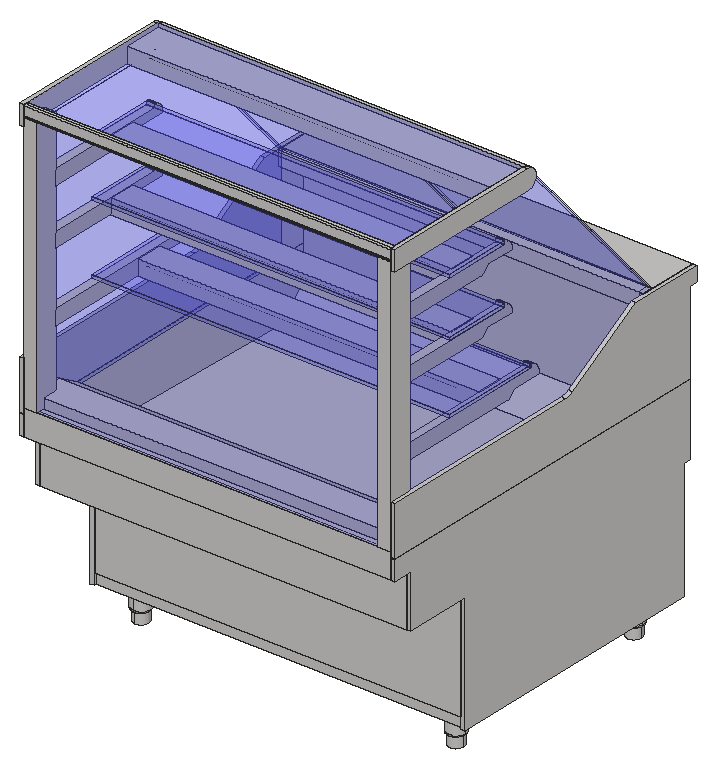
Revit family "Food-Service-Equipment_Oscartek_Dc1110-59H_cat", category Specialty Equipment, Revit 2026
Family settings
  Round Connector Dimension = Use Diameter
  Part Type = Normal
  Classification Number = 23.40.40.11.17
  Work Plane-Based = No
  Enable Cutting in Views = No
  Always vertical = Yes
  Cut with Voids When Loaded = No
  Maintain Annotation Orientation = No
  Shared = No
  Room Calculation Point = No
Parameters
  Width = 44"  # constant formula
  Weight in Pounds = 650
  Watts = 1085 W
  Waste Water Discharge Temperature [instance] = -459.67 °F
  Volts = 230 V
  URL Cutsheet = "www.oscartek.com"
  URL = "www.oscartek.com"
  Type Mark [instance] = ""
  Type Comments = "As Specified"
  Test Data = "http://www.oscartek.com/company/clients.php"
  Status [instance] = ""
  Specification by User [instance] = ""
  Specification by Manufacturer = ""
  Specification = "https://www.arcat.com/arcatcos/cos48/arc48760.html"
  Show Clearance [instance] = yes
  Serial Number = ""
  Seismic Rating = ""
  Sales Information = "http://www.oscartek.com/company/contact.php"
  SMACNA No = ""
  Revision Code [instance] = ""
  Revision = "R1_2018-10"
  Refrigerant Type [instance] = "R404A"
  Product Data = "http://www.oscartek.com/support/manuals/"
  Plumbing Remarks [instance] = ""
  Plumbing Connection Type [instance] = ""
  Phase = 1
  Omniclass Number and Title = ""
  Number of Poles [instance] = 1
  NAFEM Spec ID Number = ""
  Model = "DC1110-59H"
  Min Ckt Ampacity = 0 A
  Max Overcurrent Protection = 0 A
  Masterspec = ""
  Manufacturer Website = "http://www.oscartek.com/index.php"
  Manufacturer Phone - Toll Free = "855-885-2400"
  Manufacturer Phone = "650-342-2400"
  Manufacturer Fax = "650-342-7400"
  Manufacturer Address = "361 Beach Rd., Burlingame, CA 94010"
  Manufacturer = "OSCARTEK"
  Light Length = Width - 4"  # 40"
  Item Number [instance] = ""
  Installed By [instance] = ""
  Installation-Fabrication = "http://www.oscartek.com/support/manuals/"
  Indirect Waste Size = 1"  # constant formula
  Indirect Waste Flow [instance] = 0 GPM
  Indirect Waste Connection Type [instance] = ""
  Indirect Waste Connection Height = 0"
  Identify Quantity as Lot [instance] = yes
  HP = ""
  Green Building-LEED = "https://www.arcat.com/green/green_building.shtml"
  Furnished By [instance] = ""
  Foodservice Equipment Identifier [instance] = yes
  FL Amps = 8.2 A
  Electrical Remarks [instance] = ""
  Electric Connection Type [instance] = ""
  Elec Conn RI Height [instance] = 0"
  Elec Conn Connection Height [instance] = 0"
  Drawn By = "Sumex Design, Inc. / Robert S. Weygant, CSI, CDT, SCIP"
  Description = "DIAMOND CHOCOLATE SHOWCASES"
  Default Elevation = 0"
  Cycle = 50 Hz
  Copyright = "©Arcat Inc."
  Construction Details = "http://www.oscartek.com/support/manuals/"
  Conn Plug = ""
  Conn Conduit = yes
  Category = ""
  CSI MasterFormat = "11 41 13"
  CSI Master Format = "Refrigerated Food Storage Cases"
  Building Codes = "https://www.arcat.com/arcatcos/cos48/arc48760.html"
  Body Finish [instance] = QF_Finishes_Stainless Steel
  Apparent Power = if(Phase = 3, Volts * FL Amps * 1.73, Volts * FL Amps)  # 1886 VA
Reference planes (in)
  plane 1 "BACK": y = 0
  plane 2: z = 0
  plane 3 "LEFT": x = 0
  plane 4 "RIGHT": x = 44
  plane 5 "FRONT": y = -44.25
  plane 6 "TOP": z = 59
  plane 7 "Center Y": x = 22
  plane 8 "Center X": y = -22.125
  plane 9 "base": z = 17.92856
  plane 10: x = 1
  plane 11: x = 43
Forms (in)
  Extrusion 1, solid, material "QF_Finishes_Stainless Steel" <- "Body Finish"
    sketch origin (0, -44.25, 0) x (0, -1, 0) y (0, 0, -1)
      loop
        line (-2.31297, -17.92856) -> (-10.28174, -17.92856) -> (-10.28174, -5.22229) -> (-10.53174, -5.22229) -> (-10.53174, -3.97229) -> (-16.20099, -3.97229) -> (-16.20099, -5.22229) -> (-36.65227, -5.22229) -> (-36.65227, -3.97229) -> (-42.24423, -3.97229) -> (-42.24423, -5.22229) -> (-42.36829, -5.22229) -> (-42.36829, -17.92856) -> (-43.23446, -17.92856) -> (-43.23446, -36.17971) -> (-44.25, -36.17971) -> (-44.25, -37.95445) -> (-37.12476, -37.95445) -> (-37.12476, -36.28911) -> (-40.26039, -36.28911) -> (-40.8759, -35.6736) -> (-40.8759, -22.59092) -> (-37.69392, -19.40894) -> (-7.45443, -20.20633) -> (-7.45443, -26.70633) -> (-4.63984, -28.33133) -> (-0.97833, -28.33133) -> (-0.97833, -27.10344) -> (0, -27.10344) -> (0, -24.10344) -> (-2.31297, -24.10344) -> (-2.31297, -17.92856)
      loop
        line (-0.5528, -57.60987) -> (-0.5528, -59) -> (-0.12856, -59)
        arc (-0.12856, -59) -> (-0.03766, -58.96235) -> (0, -58.87144) r 0.12856
        line (0, -58.87144) -> (0, -57.78387)
        arc (0, -57.78387) -> (-0.05096, -57.66083) -> (-0.174, -57.60987) r 0.174
        line (-0.174, -57.60987) -> (-0.5528, -57.60987)
      loop
        line (-19.5564, -59) -> (-19.5564, -58.59412) -> (-15.11183, -58.59412) -> (-15.11183, -56.67954) -> (-15.61183, -56.67954) -> (-15.61183, -57.92954) -> (-18.0564, -57.92954) -> (-18.0564, -56.67954) -> (-19.5564, -56.67954)
        arc (-19.5564, -56.67954) -> (-20.71663, -57.83977) -> (-19.5564, -59) r 1.16023
    from 0.5 to 43.5
  Extrusion 2, solid, material "QF_Finishes_Stainless Steel" <- "Body Finish"
    sketch origin (0, -44.25, 0) x (0, -1, 0) y (0, 0, -1)
      loop
        line (-2.31297, -17.92856) -> (-10.28174, -17.92856) -> (-10.28174, -3.97229) -> (-42.36829, -3.97229) -> (-42.36829, -17.92856) -> (-43.23446, -17.92856) -> (-43.23446, -26.40315) -> (0, -26.40315) -> (0, -24.10344) -> (-2.31297, -24.10344) -> (-2.31297, -17.92856)
      loop
        line (-35.31011, -37.95445) -> (-26.08517, -32.62843)
        arc (-26.08517, -32.62843) -> (-25.6104, -32.43178) -> (-25.10092, -32.3647) r 1.9685
        line (-25.10092, -32.3647) -> (0, -32.3647) -> (0, -26.52815) -> (-43.22627, -26.52815) -> (-43.22627, -36.17971) -> (-44.25, -36.17971) -> (-44.25, -37.95445) -> (-35.31011, -37.95445)
    from 0 to 0.5
  Extrusion 3, solid, material "QF_Finishes_Stainless Steel" <- "Body Finish"
    sketch origin (0, -44.25, 0) x (0, -1, 0) y (0, 0, -1)
      loop
        line (0, -27.10344) -> (-2.74998, -27.10344) -> (-2.74998, -57.60987) -> (0, -57.60987) -> (0, -27.10344)
    from 0.5 to 2
  Extrusion 4, solid, material "QF_Finishes_Stainless Steel" <- "Body Finish"
    sketch origin (0, -44.25, 13.00001) x (0, -1, 0) y (0, 0, -1)
      loop
        line (0, -46) -> (0, -43.67954) -> (-19.5564, -43.67954)
        arc (-19.5564, -43.67954) -> (-20.71663, -44.83977) -> (-19.5564, -46) r 1.16023
        line (-19.5564, -46) -> (0, -46)
    from 0 to 0.5
  Extrusion 5, solid, material "QF_Finishes_Stainless Steel" <- "Body Finish"
    sketch origin (44, 0, 13.00001) x (0, 1, 0) y (0, 0, 1)
      loop
        line (-44.25, 46) -> (-44.25, 43.67954) -> (-24.6936, 43.67954)
        arc (-24.6936, 43.67954) -> (-23.53337, 44.83977) -> (-24.6936, 46) r 1.16023
        line (-24.6936, 46) -> (-44.25, 46)
    from 0 to -0.5
  Extrusion 6, solid, material "QF_Finishes_Stainless Steel" <- "Body Finish"
    sketch origin (44, -44.25, 0) x (0, -1, 0) y (0, 0, -1)
      loop
        line (0, -27.10344) -> (-2.74998, -27.10344) -> (-2.74998, -57.60987) -> (0, -57.60987) -> (0, -27.10344)
    from -0.5 to -2
  Extrusion 7, solid, material "Glass"
    sketch origin (0, -44.25, 0) x (1, 0, 0) y (0, 1, 0)
      loop
        line (2, 0) -> (42, 0) -> (42, 0.2764) -> (2, 0.2764) -> (2, 0)
    from 27.10344 to 57.60987
  Extrusion 8, solid, material "QF_Finishes_Stainless Steel" <- "Body Finish"
    sketch origin (44, 0, 0) x (0, 1, 0) y (0, 0, 1)
      loop
        line (-41.93703, 17.92856) -> (-33.96826, 17.92856) -> (-33.96826, 3.97229) -> (-1.88171, 3.97229) -> (-1.88171, 17.92856) -> (-1.01554, 17.92856) -> (-1.01554, 26.40315) -> (-44.25, 26.40315) -> (-44.25, 24.10344) -> (-41.93703, 24.10344) -> (-41.93703, 17.92856)
      loop
        line (-8.93989, 37.95445) -> (-18.16483, 32.62843)
        arc (-18.16483, 32.62843) -> (-18.6396, 32.43178) -> (-19.14908, 32.3647) r 1.9685
        line (-19.14908, 32.3647) -> (-44.25, 32.3647) -> (-44.25, 26.52815) -> (-1.02373, 26.52815) -> (-1.02373, 36.17971) -> (0, 36.17971) -> (0, 37.95445) -> (-8.93989, 37.95445)
    from 0 to -0.5
  Revolve 9, solid, material "QF_Finishes_Stainless Steel"
    sketch origin (3.5, -44.25, 0) x (0, -1, 0) y (0, 0, -1)
      loop
        line (-13.37229, 0) -> (-13.37229, -3.97229) -> (-12.18681, -3.97229) -> (-12.18681, -3.77531) -> (-12.27584, -3.77531) -> (-12.27584, -1.45503)
        arc (-12.27584, -1.45503) -> (-12.32001, -1.34838) -> (-12.42666, -1.30421) r 0.15082
        line (-12.42666, -1.30421) -> (-12.50615, -1.30421) -> (-12.50615, 0) -> (-13.37229, 0)
      axis (-13.37229, -3.97229) -> (-13.37229, 0)
    angle from 0 to 360
  Revolve 10, solid, material "QF_Finishes_Stainless Steel"
    sketch origin (3.5, -18.18706, 0) x (0, -1, 0) y (0, 0, -1)
      loop
        line (-13.37229, 0) -> (-13.37229, -3.97229) -> (-12.18681, -3.97229) -> (-12.18681, -3.77531) -> (-12.27584, -3.77531) -> (-12.27584, -1.45503)
        arc (-12.27584, -1.45503) -> (-12.32001, -1.34838) -> (-12.42666, -1.30421) r 0.15082
        line (-12.42666, -1.30421) -> (-12.50615, -1.30421) -> (-12.50615, 0) -> (-13.37229, 0)
      axis (-13.37229, -3.97229) -> (-13.37229, 0)
    angle from 0 to 360
  Revolve 11, solid, material "QF_Finishes_Stainless Steel"
    sketch origin (53.87229, -30.87771, 0) x (1, 0, 0) y (0, 0, 1)
      loop
        line (-13.37229, 0) -> (-12.50615, 0) -> (-12.50615, 1.30421) -> (-12.42666, 1.30421)
        arc (-12.42666, 1.30421) -> (-12.32001, 1.34838) -> (-12.27584, 1.45503) r 0.15082
        line (-12.27584, 1.45503) -> (-12.27584, 3.77531) -> (-12.18681, 3.77531) -> (-12.18681, 3.97229) -> (-13.37229, 3.97229) -> (-13.37229, 0)
      axis (-13.37229, 3.97229) -> (-13.37229, 0)
    angle from 0 to 360
  Revolve 12, solid, material "QF_Finishes_Stainless Steel"
    sketch origin (53.87229, -4.81477, 0) x (1, 0, 0) y (0, 0, 1)
      loop
        line (-13.37229, 0) -> (-12.50615, 0) -> (-12.50615, 1.30421) -> (-12.42666, 1.30421)
        arc (-12.42666, 1.30421) -> (-12.32001, 1.34838) -> (-12.27584, 1.45503) r 0.15082
        line (-12.27584, 1.45503) -> (-12.27584, 3.77531) -> (-12.18681, 3.77531) -> (-12.18681, 3.97229) -> (-13.37229, 3.97229) -> (-13.37229, 0)
      axis (-13.37229, 3.97229) -> (-13.37229, 0)
    angle from 0 to 360
  Extrusion 13, solid, material "Glass"
    sketch origin (0, -44.25, 13.00001) x (0, -1, 0) y (0, 0, -1)
      loop
        line (-0.5528, -46) -> (-0.5528, -45.59411) -> (-19.5564, -45.59411) -> (-19.5564, -46) -> (-0.5528, -46)
    from 0.5 to 43.5
  Extrusion 14, solid, material "QF_Finishes_Black"
    sketch origin (0, -1.88171, 5.22229) x (0, 0, 1) y (1, 0, 0)
      loop
        line (11.08103, 37.21488) -> (1.08103, 37.21488) -> (1.08103, 35.71488) -> (11.08103, 35.71488) -> (11.08103, 37.21488)
      loop
        line (11.08103, 35.46488) -> (1.08103, 35.46488) -> (1.08103, 33.96488) -> (11.08103, 33.96488) -> (11.08103, 35.46488)
      loop
        line (11.08103, 33.71488) -> (1.08103, 33.71488) -> (1.08103, 32.21488) -> (11.08103, 32.21488) -> (11.08103, 33.71488)
      loop
        line (11.08103, 31.96488) -> (1.08103, 31.96488) -> (1.08103, 30.46488) -> (11.08103, 30.46488) -> (11.08103, 31.96488)
      loop
        line (11.08103, 30.21488) -> (1.08103, 30.21488) -> (1.08103, 28.71488) -> (11.08103, 28.71488) -> (11.08103, 30.21488)
      loop
        line (11.08103, 28.46488) -> (1.08103, 28.46488) -> (1.08103, 26.96488) -> (11.08103, 26.96488) -> (11.08103, 28.46488)
    from 0 to 0.03125
  Extrusion 15, solid, material "QF_Finishes_Door Clearance", visible <- "Show Clearance", detail levels coarse
    sketch origin (0, -44.25, 0) x (0, -1, 0) y (0, 0, -1)
      loop
        line (30.50643, -27.10344) -> (0, -27.10344) -> (0, -57.60987)
        arc (0, -57.60987) -> (21.5713, -48.67474) -> (30.50643, -27.10344) r 30.50643
    from 0.5 to 43.5
  Extrusion 16, solid, material "QF_Finishes_Stainless Steel"
    sketch origin (0, -44.25, 17.92856) x (-1, 0, 0) y (0, -1, 0)
      loop
        circle (-5.75, -36.79348) r 0.5
      loop
        circle (-38.25, -36.79348) r 0.5
    from 0 to -1
  Extrusion 17, solid, material "QF_Finishes_Stainless Steel" <- "Body Finish"
    sketch origin (0, -40.25, 0) x (0, -1, 0) y (0, 0, -1)
      loop
        line (1.25002, -35.08466) -> (-13.82063, -35.08466)
        arc (-13.82063, -35.08466) -> (-13.97129, -35.11463) -> (-14.09902, -35.19998) r 0.3937
        line (-14.09902, -35.19998) -> (-14.65579, -35.75675)
        arc (-14.65579, -35.75675) -> (-14.78352, -35.8421) -> (-14.93418, -35.87206) r 0.3937
        line (-14.93418, -35.87206) -> (-18.35113, -35.87206)
        arc (-18.35113, -35.87206) -> (-18.18116, -36.72072) -> (-17.49636, -37.25001) r 1.23649
        line (-17.49636, -37.25001) -> (-17.3307, -37.25001) -> (-17.3307, -36.85631) -> (1.25002, -36.85631) -> (1.25002, -35.08466)
    from 1 to 2
  Extrusion 18, solid, material "QF_Finishes_Stainless Steel" <- "Body Finish"
    sketch origin (43, -176, 44.05288) x (0, 0, -1) y (0, 1, 0)
      loop
        line (8.96822, 134.49998) -> (8.96822, 149.57063)
        arc (8.96822, 149.57063) -> (8.93825, 149.72129) -> (8.85291, 149.84902) r 0.3937
        line (8.85291, 149.84902) -> (8.29613, 150.40579)
        arc (8.29613, 150.40579) -> (8.21079, 150.53352) -> (8.18082, 150.68418) r 0.3937
        line (8.18082, 150.68418) -> (8.18082, 154.10113)
        arc (8.18082, 154.10113) -> (7.33217, 153.93116) -> (6.80287, 153.24636) r 1.23649
        line (6.80287, 153.24636) -> (6.80287, 153.0807) -> (7.19657, 153.0807) -> (7.19657, 134.49998) -> (8.96822, 134.49998)
    from 0 to -1
  Extrusion 19, solid, material "Glass"
    sketch origin (0, -40.25, 0) x (0, -1, 0) y (0, 0, -1)
      loop
        line (-5.24016, -37.25001) -> (-5.24016, -36.85631) -> (-17.31101, -36.85631) -> (-17.31101, -37.25001) -> (-5.24016, -37.25001)
    from 1 to 43
  Extrusion 20, solid, material "QF_Finishes_Stainless Steel" <- "Body Finish"
    sketch origin (0, -40.25, 0) x (0, -1, 0) y (0, 0, -1)
      loop
        line (-13.91788, -36.85631) -> (-10.80814, -36.85631) -> (-10.80814, -35.08466) -> (-10.93314, -35.08466) -> (-10.93314, -36.73131) -> (-13.79288, -36.73131) -> (-13.79288, -35.08466) -> (-13.91788, -35.08466) -> (-13.91788, -36.85631)
    from 2 to 42
  Extrusion 21, solid, material "QF_Finishes_Stainless Steel"
    sketch origin (-3.58988, -1.88171, 5.22229) x (0, 0, 1) y (-1, 0, 0)
      loop
        line (12.70627, -20.3562) -> (11.20627, -20.3562) -> (11.20627, -26.3562) -> (12.70627, -26.3562) -> (12.70627, -20.3562)
    from 0 to -1
  Extrusion 22, solid, material "Glass"
    sketch origin (44, -44.25, 0) x (0, -1, 0) y (0, 0, 1)
      loop
        arc (-20.71601, 57.80186) -> (-20.71293, 57.93236) -> (-20.69521, 58.06169) r 1.16023
        line (-20.69521, 58.06169) -> (-38.32929, 38.06516) -> (-38.21858, 37.95445) -> (-20.71601, 57.80186)
    from 0.5 to 22.5
  Extrusion 23, solid, material "Glass"
    sketch origin (0, -44.25, 0) x (0, -1, 0) y (0, 0, 1)
      loop
        line (-2.74998, 56.67954) -> (-19.5564, 56.67954)
        arc (-19.5564, 56.67954) -> (-20.14761, 56.84147) -> (-20.5738, 57.28207) r 1.16023
        line (-20.5738, 57.28207) -> (-37.61799, 37.95445) -> (-37.12476, 37.95445) -> (-37.12476, 26.42856) -> (-7.45443, 26.42856) -> (-7.45443, 26.70633) -> (-4.63984, 28.33133) -> (-2.74998, 28.33133) -> (-2.74998, 56.67954)
    from -0.5 to -1
  Extrusion 24, solid, material "Glass"
    sketch origin (0, -44.25, 0) x (0, -1, 0) y (0, 0, 1)
      loop
        line (-20.5738, 57.28207) -> (-37.52036, 38.06516) -> (-37.40966, 37.95445) -> (-20.5946, 57.02225)
        arc (-20.5946, 57.02225) -> (-20.59152, 57.15274) -> (-20.5738, 57.28207) r 1.16023
    from -0.5 to -22.5
  Extrusion 25, solid, material "Glass"
    sketch origin (43, -180, 44.05288) x (0, 0, -1) y (0, 1, 0)
      loop
        line (-12.62666, 138.49998) -> (15.72156, 138.49998) -> (15.72156, 140.38984) -> (17.34656, 143.20443) -> (17.62432, 143.20443) -> (17.62432, 172.87476) -> (6.09843, 172.87476) -> (6.09843, 173.96858) -> (-13.74898, 156.46601)
        arc (-13.74898, 156.46601) -> (-12.95319, 156.11329) -> (-12.62666, 155.3064) r 1.16023
        line (-12.62666, 155.3064) -> (-12.62666, 138.49998)
    from 0.5 to 0
  Extrusion 26, solid, material "QF_Finishes_Stainless Steel" <- "Body Finish"
    sketch origin (0, -44.25, 8.14369) x (0, -1, 0) y (0, 0, -1)
      loop
        line (-2.74998, -35.08466) -> (-13.82063, -35.08466)
        arc (-13.82063, -35.08466) -> (-13.97129, -35.11463) -> (-14.09902, -35.19998) r 0.3937
        line (-14.09902, -35.19998) -> (-14.65579, -35.75675)
        arc (-14.65579, -35.75675) -> (-14.78352, -35.8421) -> (-14.93418, -35.87206) r 0.3937
        line (-14.93418, -35.87206) -> (-18.35113, -35.87206)
        arc (-18.35113, -35.87206) -> (-18.18116, -36.72072) -> (-17.49636, -37.25001) r 1.23649
        line (-17.49636, -37.25001) -> (-17.3307, -37.25001) -> (-17.3307, -36.85631) -> (-2.74998, -36.85631) -> (-2.74998, -35.08466)
      loop
        line (-2.74998, -41.67842) -> (-13.82063, -41.67842)
        arc (-13.82063, -41.67842) -> (-13.97129, -41.70839) -> (-14.09902, -41.79373) r 0.3937
        line (-14.09902, -41.79373) -> (-14.65579, -42.35051)
        arc (-14.65579, -42.35051) -> (-14.78352, -42.43585) -> (-14.93418, -42.46582) r 0.3937
        line (-14.93418, -42.46582) -> (-18.35113, -42.46582)
        arc (-18.35113, -42.46582) -> (-18.18116, -43.31447) -> (-17.49636, -43.84377) r 1.23649
        line (-17.49636, -43.84377) -> (-17.3307, -43.84377) -> (-17.3307, -43.45007) -> (-2.74998, -43.45007) -> (-2.74998, -41.67842)
    from 1 to 2
  Extrusion 27, solid, material "QF_Finishes_Stainless Steel" <- "Body Finish"
    sketch origin (43, -180, 52.19657) x (0, 0, -1) y (0, 1, 0)
      loop
        line (8.96822, 138.49998) -> (8.96822, 149.57063)
        arc (8.96822, 149.57063) -> (8.93825, 149.72129) -> (8.85291, 149.84902) r 0.3937
        line (8.85291, 149.84902) -> (8.29613, 150.40579)
        arc (8.29613, 150.40579) -> (8.21079, 150.53352) -> (8.18082, 150.68418) r 0.3937
        line (8.18082, 150.68418) -> (8.18082, 154.10113)
        arc (8.18082, 154.10113) -> (7.33217, 153.93116) -> (6.80287, 153.24636) r 1.23649
        line (6.80287, 153.24636) -> (6.80287, 153.0807) -> (7.19657, 153.0807) -> (7.19657, 138.49998) -> (8.96822, 138.49998)
      loop
        line (2.37447, 138.49998) -> (2.37447, 149.57063)
        arc (2.37447, 149.57063) -> (2.3445, 149.72129) -> (2.25915, 149.84902) r 0.3937
        line (2.25915, 149.84902) -> (1.70238, 150.40579)
        arc (1.70238, 150.40579) -> (1.61703, 150.53352) -> (1.58707, 150.68418) r 0.3937
        line (1.58707, 150.68418) -> (1.58707, 154.10113)
        arc (1.58707, 154.10113) -> (0.73841, 153.93116) -> (0.20912, 153.24636) r 1.23649
        line (0.20912, 153.24636) -> (0.20912, 153.0807) -> (0.60282, 153.0807) -> (0.60282, 138.49998) -> (2.37447, 138.49998)
    from 0 to -1
  Extrusion 28, solid, material "Glass"
    sketch origin (0, -44.25, 8.14369) x (0, -1, 0) y (0, 0, -1)
      loop
        line (-9.24016, -37.25001) -> (-9.24016, -36.85631) -> (-17.31101, -36.85631) -> (-17.31101, -37.25001) -> (-9.24016, -37.25001)
      loop
        line (-9.24016, -43.84377) -> (-9.24016, -43.45007) -> (-17.31101, -43.45007) -> (-17.31101, -43.84377) -> (-9.24016, -43.84377)
    from 1 to 43
  Extrusion 29, solid, material "QF_Finishes_Stainless Steel" <- "Body Finish"
    sketch origin (0, -44.25, 8.14369) x (0, -1, 0) y (0, 0, -1)
      loop
        line (-13.91788, -36.85631) -> (-10.80814, -36.85631) -> (-10.80814, -35.08466) -> (-10.93314, -35.08466) -> (-10.93314, -36.73131) -> (-13.79288, -36.73131) -> (-13.79288, -35.08466) -> (-13.91788, -35.08466) -> (-13.91788, -36.85631)
      loop
        line (-13.91788, -43.45007) -> (-10.80814, -43.45007) -> (-10.80814, -41.67842) -> (-10.93314, -41.67842) -> (-10.93314, -43.32507) -> (-13.79288, -43.32507) -> (-13.79288, -41.67842) -> (-13.91788, -41.67842) -> (-13.91788, -43.45007)
    from 2 to 42
Lines and regions (in)
  Split face 1
    outline origin (-3.58988, -0.88171, 5.22229) x (0, 0, 1) y (-1, 0, 0)
      loop
        line (12.34422, -21.51577) -> (11.59422, -21.51577) -> (11.59422, -25.51577) -> (12.34422, -25.51577) -> (12.34422, -21.51577)
  symbolic lines
    curve 1: line (0, -44.25, 0) -> (44, -44.25, 0)
    curve 2: line (0, 0, 0) -> (0, -44.25, 0)
    curve 3: line (44, -44.25, 0) -> (44, 0, 0)
    curve 4: line (43.5, 0, 0) -> (43.5, -44.25, 0)
    curve 5: line (0.5, -44.25, 0) -> (0.5, 0, 0)
    curve 6: line (0.5, -6.59871, 0) -> (21.5, -6.59871, 0)
    curve 7: line (21.5, -5.98965, 0) -> (21.5, -23.53337, 0)
    curve 8: line (21.5, -5.98965, 0) -> (43.5, -5.98965, 0)
    curve 9: line (0, -23.53337, 0) -> (44, -23.53337, 0)
    curve 10: line (0.5, -24.7561, 0) -> (43.5, -24.7561, 0)
    curve 11: line (0.5, -43.6537, 0) -> (43.5, -43.6537, 0)
    curve 12: line (0, 0, 0) -> (44, 0, 0)
  symbolic lines, style "QF-Door Swings"
    curve 13: line (43.5, -74.75643, 0) -> (0.5, -74.75643, 0)
    curve 14: line (0.5, -74.75643, 0) -> (0.5, -44.25, 0)
    curve 15: line (43.5, -44.25, 0) -> (43.5, -74.75643, 0)
  symbolic lines, style "QF-Surface Details"
    curve 16: line (8.98362, -16.5042, 0) -> (12.1656, -13.32221, 0)
    curve 17: line (8.65315, -17.94487, 0) -> (13.6029, -12.99513, 0)
    curve 18: line (10.24583, -17.76641, 0) -> (13.60459, -14.40765, 0)
    curve 19: line (30.73362, -16.5042, 0) -> (33.9156, -13.32221, 0)
    curve 20: line (30.40315, -17.94487, 0) -> (35.3529, -12.99513, 0)
    curve 21: line (31.99583, -17.76641, 0) -> (35.35459, -14.40765, 0)
    curve 22: line (8.98362, -34.5042, 0) -> (12.1656, -31.32221, 0)
    curve 23: line (8.65315, -35.94487, 0) -> (13.6029, -30.99513, 0)
    curve 24: line (10.24583, -35.76641, 0) -> (13.60459, -32.40765, 0)
    curve 25: line (30.73362, -34.5042, 0) -> (33.9156, -31.32221, 0)
    curve 26: line (30.40315, -35.94487, 0) -> (35.3529, -30.99513, 0)
    curve 27: line (31.99583, -35.76641, 0) -> (35.35459, -32.40765, 0)
    curve 28: line (20.6853, -34.5042, 0) -> (23.86728, -31.32221, 0)
    curve 29: line (20.35483, -35.94487, 0) -> (25.30458, -30.99513, 0)
    curve 30: line (21.94751, -35.76641, 0) -> (25.30627, -32.40765, 0)
Dimensions and locks (in)
  equal spacing: plane 3 "LEFT", plane 7 "Center Y", plane 4 "RIGHT"
  "Width": plane 3 "LEFT" to plane 4 "RIGHT"
  equal spacing: plane 5 "FRONT", plane 8 "Center X", plane 1 "BACK"
  plane 5 "FRONT" to plane 1 "BACK" = 44 1/4"
  Extrusion 21 sketch curve to Extrusion 21 sketch curve to plane 4 "RIGHT" = 6" locked, 21.23369" locked
  locked: plane 3 "LEFT" to plane 10 at 1
  locked: plane 4 "RIGHT" to plane 11 at 1
  plane 4 "RIGHT" to Extrusion 6 to Extrusion 6 = 1/2" locked, 1 1/2" locked
  Extrusion 3 to Extrusion 3 to plane 3 "LEFT" = 1 1/2" locked, 1/2" locked
  Extrusion 22 to plane 7 "Center Y" to Extrusion 24 = 1/2" locked, 1/2" locked
  plane 6 "TOP" to level = 59"
  aligned and locked: level to plane 2
  aligned and locked: Extrusion 15 to Extrusion 6
  aligned and locked: Extrusion 6 to Extrusion 22
  aligned and locked: Extrusion 1 to Extrusion 6
  aligned and locked: plane 11 to Extrusion 19
  aligned and locked: Extrusion 6 to Extrusion 13
  aligned and locked: nested 1 to plane 7 "Center Y"
  aligned and locked: nested 2 to plane 7 "Center Y"
  aligned and locked: Extrusion 20 to Extrusion 6
  aligned and locked: nested 3 to plane 7 "Center Y"
  aligned and locked: plane 11 to Extrusion 28
  aligned and locked: Extrusion 7 to Extrusion 29
  aligned and locked: Extrusion 29 to Extrusion 6
  aligned and locked: nested 4 to plane 7 "Center Y"
Automatic sketch dimensions
  curve 1 to plane 3 "LEFT" = 0"
  plane 5 "FRONT" to curve 5 = 0"
  plane 1 "BACK" to curve 5 = 0"
  curve 3 to plane 4 "RIGHT" = 0"
  plane 3 "LEFT" to curve 14 = 1/2"
  plane 3 "LEFT" to curve 11 = 1/2"
  curve 8 to plane 7 "Center Y" = 1/2"
  curve 4 to plane 4 "RIGHT" = 1/2"
  curve 15 to curve 4 = 0"
  plane 5 "FRONT" to curve 13 = 30.50643"
  curve 11 to plane 5 "FRONT" = 0.5963"
  curve 10 to plane 8 "Center X" = 2.6311"
  curve 10 to curve 9 = 1.22273"
  plane 1 "BACK" to curve 6 = 6.59871"
  curve 6 to curve 7 = 0.60905"
  Extrusion 1 sketch curve to plane 1 "BACK" = 0"
  Extrusion 1 sketch curve to plane 9 "base" = 0"  (x2)
  Extrusion 1 sketch curve to plane 5 "FRONT" = 0"  (x2)
  Extrusion 1 sketch curve to Extrusion 1 sketch curve = 1.01554"
  Extrusion 1 sketch curve to Extrusion 1 sketch curve = 0.86617"
  Extrusion 1 sketch curve to Extrusion 1 sketch curve = 0.12406"
  plane 1 "BACK" to Extrusion 1 sketch curve = 3.3741"
  Extrusion 1 sketch curve to Extrusion 1 sketch curve = 0.6155"  (x2)
  plane 9 "base" to Extrusion 1 sketch curve = 1.48038"
  Extrusion 1 sketch curve to Extrusion 1 sketch curve = 3.18198"  (x2)
  Extrusion 1 sketch curve to Extrusion 1 sketch curve = 3.13563"
  Extrusion 1 sketch curve to Extrusion 1 sketch curve = 5.59196"
  Extrusion 1 sketch curve to plane 8 "Center X" = 2.5686"
  Extrusion 1 sketch curve to Extrusion 1 sketch curve = 1 1/2"
  Extrusion 1 sketch curve to plane 8 "Center X" = 5.92401"
  Extrusion 1 sketch curve to Extrusion 1 sketch curve = 2.44457"
  Extrusion 1 sketch curve to Extrusion 1 sketch curve = 1/2"
  Extrusion 1 sketch curve to Extrusion 1 sketch curve = 5.66925"
  Extrusion 1 sketch curve to plane 5 "FRONT" = 10.28174"
  plane 9 "base" to Extrusion 1 sketch curve = 2.27777"
  Extrusion 1 sketch curve to Extrusion 1 sketch curve = 2.82731"
  Extrusion 1 sketch curve to Extrusion 1 sketch curve = 2.81458"
  Extrusion 1 sketch curve to Extrusion 1 sketch curve = 2.31297"
  Extrusion 1 sketch curve to plane 5 "FRONT" = 0.97833"
  Extrusion 1 sketch curve to plane 5 "FRONT" = 0.5528"
  Extrusion 1 sketch curve to plane 5 "FRONT" = 0.174"
  Extrusion 1 sketch curve to plane 5 "FRONT" = 0.12856"
  Extrusion 1 sketch curve to Extrusion 1 sketch curve = 6.17488"
  Extrusion 1 sketch curve to Extrusion 1 sketch curve = 2.60288"
  Extrusion 1 sketch curve to Extrusion 1 sketch curve = 3"
  Extrusion 1 sketch curve to Extrusion 1 sketch curve = 1 5/8"
  Extrusion 1 sketch curve to Extrusion 1 sketch curve = 0.50611"
  Extrusion 1 sketch curve to Extrusion 1 sketch curve = 1.77474"
  Extrusion 1 sketch curve to Extrusion 1 sketch curve = 0"
  Extrusion 1 sketch curve to Extrusion 1 sketch curve = 1.16023"
  Extrusion 1 sketch curve to Extrusion 1 sketch curve = 1 1/4"  (x3)
  Extrusion 1 sketch curve to Extrusion 1 sketch curve = 0.66458"
  Extrusion 1 sketch curve to Extrusion 1 sketch curve = 1.08757"
  level to Extrusion 1 sketch curve = 5.22229"  (x3)
  Extrusion 2 sketch curve to plane 1 "BACK" = 0"
  Extrusion 2 sketch curve to plane 9 "base" = 0"  (x2)
  Extrusion 2 sketch curve to plane 5 "FRONT" = 0"  (x2)
  plane 1 "BACK" to Extrusion 2 sketch curve = 1.01554"
  Extrusion 2 sketch curve to Extrusion 2 sketch curve = 0.00819"
  plane 1 "BACK" to Extrusion 2 sketch curve = 1.88171"
  Extrusion 2 sketch curve to Extrusion 2 sketch curve = 7.91616"
  Extrusion 2 sketch curve to Extrusion 2 sketch curve = 0.98425"
  level to Extrusion 2 sketch curve = 3.97229"
  Extrusion 2 sketch curve to plane 5 "FRONT" = 10.28174"
  Extrusion 2 sketch curve to plane 5 "FRONT" = 2.31297"
  Extrusion 2 sketch curve to Extrusion 2 sketch curve = 6.17488"
  Extrusion 2 sketch curve to Extrusion 2 sketch curve = 2.29971"
  Extrusion 2 sketch curve to Extrusion 2 sketch curve = 1/8"
  Extrusion 2 sketch curve to Extrusion 2 sketch curve = 5.83655"
  Extrusion 2 sketch curve to Extrusion 2 sketch curve = 0.26373"
  Extrusion 3 sketch curve to plane 5 "FRONT" = 0"
  Extrusion 3 sketch curve to plane 5 "FRONT" = 2.74998"
  plane 9 "base" to Extrusion 3 sketch curve = 9.17488"
  Extrusion 4 sketch curve to plane 5 "FRONT" = 0"
  Extrusion 4 sketch curve to plane 8 "Center X" = 2.5686"
  Extrusion 4 sketch curve to Extrusion 4 sketch curve = 1.16023"
  Extrusion 5 sketch curve to plane 5 "FRONT" = 0"
  Extrusion 5 sketch curve to plane 8 "Center X" = 2.5686"
  Extrusion 5 sketch curve to Extrusion 5 sketch curve = 1.16023"
  Extrusion 6 sketch curve to plane 5 "FRONT" = 0"
  Extrusion 6 sketch curve to plane 5 "FRONT" = 2.74998"
  plane 9 "base" to Extrusion 6 sketch curve = 9.17488"
  plane 5 "FRONT" to Extrusion 7 sketch curve = 0"
  plane 5 "FRONT" to Extrusion 7 sketch curve = 0.2764"
  plane 10 to Extrusion 7 sketch curve = 1"
  plane 11 to Extrusion 7 sketch curve = 1"
  Extrusion 8 sketch curve to plane 5 "FRONT" = 0"  (x2)
  Extrusion 8 sketch curve to plane 9 "base" = 0"  (x2)
  Extrusion 8 sketch curve to plane 1 "BACK" = 0"
  Extrusion 8 sketch curve to plane 5 "FRONT" = 2.31297"
  level to Extrusion 8 sketch curve = 3.97229"
  Extrusion 8 sketch curve to plane 5 "FRONT" = 10.28174"
  Extrusion 8 sketch curve to Extrusion 8 sketch curve = 0.98425"
  Extrusion 8 sketch curve to Extrusion 8 sketch curve = 8.93989"
  plane 1 "BACK" to Extrusion 8 sketch curve = 1.88171"
  plane 1 "BACK" to Extrusion 8 sketch curve = 1.02373"
  Extrusion 8 sketch curve to Extrusion 8 sketch curve = 0.86617"
  plane 9 "base" to Extrusion 8 sketch curve = 6.17488"
  Extrusion 8 sketch curve to Extrusion 8 sketch curve = 2.29971"
  Extrusion 8 sketch curve to Extrusion 8 sketch curve = 1/8"
  Extrusion 8 sketch curve to Extrusion 8 sketch curve = 0.26373"
  Extrusion 8 sketch curve to Extrusion 8 sketch curve = 1.77474"
  Revolve 9 sketch curve to level = 0"
  Revolve 9 sketch curve to plane 8 "Center X" = 8.75271"
  Revolve 9 sketch curve to Revolve 9 sketch curve = 0"
  Revolve 9 sketch curve to Revolve 9 sketch curve = 0.86614"
  Revolve 9 sketch curve to Revolve 9 sketch curve = 0.07949"
  Revolve 9 sketch curve to Revolve 9 sketch curve = 1.09644"
  Revolve 9 sketch curve to Revolve 9 sketch curve = 0.08904"
  level to Revolve 9 sketch curve = 1.30421"
  Revolve 9 sketch curve to Revolve 9 sketch curve = 1.40035"
  Revolve 9 sketch curve to Revolve 9 sketch curve = 0.91993"
  Revolve 9 sketch curve to Revolve 9 sketch curve = 0.19698"
  Revolve 9 sketch curve to Revolve 9 sketch curve = 0.14462"
  Revolve 10 sketch curve to level = 0"
  plane 1 "BACK" to Revolve 10 sketch curve = 4.81477"
  Revolve 10 sketch curve to Revolve 10 sketch curve = 0"
  Revolve 10 sketch curve to Revolve 10 sketch curve = 0.86614"
  Revolve 10 sketch curve to Revolve 10 sketch curve = 0.07949"
  Revolve 10 sketch curve to Revolve 10 sketch curve = 1.09644"
  Revolve 10 sketch curve to Revolve 10 sketch curve = 0.08904"
  level to Revolve 10 sketch curve = 1.30421"
  Revolve 10 sketch curve to Revolve 10 sketch curve = 1.40035"
  Revolve 10 sketch curve to Revolve 10 sketch curve = 0.91993"
  Revolve 10 sketch curve to Revolve 10 sketch curve = 0.19698"
  Revolve 10 sketch curve to Revolve 10 sketch curve = 0.14462"
  Revolve 11 sketch curve to level = 0"
  Revolve 11 sketch curve to plane 11 = 2 1/2"
  Revolve 11 sketch curve to Revolve 11 sketch curve = 0"
  Revolve 11 sketch curve to Revolve 11 sketch curve = 0.86614"
  Revolve 11 sketch curve to Revolve 11 sketch curve = 0.07949"
  Revolve 11 sketch curve to Revolve 11 sketch curve = 1.09644"
  Revolve 11 sketch curve to Revolve 11 sketch curve = 0.08904"
  Revolve 11 sketch curve to Revolve 11 sketch curve = 0.14462"
  level to Revolve 11 sketch curve = 1.30421"
  Revolve 11 sketch curve to Revolve 11 sketch curve = 1.40035"
  Revolve 11 sketch curve to Revolve 11 sketch curve = 0.91993"
  Revolve 11 sketch curve to Revolve 11 sketch curve = 0.19698"
  Revolve 12 sketch curve to level = 0"
  Revolve 12 sketch curve to plane 11 = 2 1/2"
  Revolve 12 sketch curve to Revolve 12 sketch curve = 0"
  Revolve 12 sketch curve to Revolve 12 sketch curve = 0.86614"
  Revolve 12 sketch curve to Revolve 12 sketch curve = 0.07949"
  Revolve 12 sketch curve to Revolve 12 sketch curve = 1.09644"
  Revolve 12 sketch curve to Revolve 12 sketch curve = 0.08904"
  Revolve 12 sketch curve to Revolve 12 sketch curve = 0.14462"
  level to Revolve 12 sketch curve = 1.30421"
  Revolve 12 sketch curve to Revolve 12 sketch curve = 1.40035"
  Revolve 12 sketch curve to Revolve 12 sketch curve = 0.91993"
  Revolve 12 sketch curve to Revolve 12 sketch curve = 0.19698"
  Extrusion 13 sketch curve to plane 8 "Center X" = 2.5686"
  Extrusion 13 sketch curve to plane 5 "FRONT" = 0.5528"
  Extrusion 13 sketch curve to Extrusion 13 sketch curve = 0.40588"
  Extrusion 14 sketch curve to Extrusion 1 = 1.08103"  (x2)
  Extrusion 14 sketch curve to Extrusion 14 sketch curve = 0"  (x8)
  Extrusion 1 to Extrusion 14 sketch curve = 1.62523"  (x2)
  Extrusion 1 to Extrusion 14 sketch curve = 16.53512"
  Extrusion 14 sketch curve to Extrusion 14 sketch curve = 1 1/2"  (x6)
  Extrusion 14 sketch curve to Extrusion 14 sketch curve = 1/4"  (x5)
  Extrusion 16 sketch curve to plane 11 = 4 3/4"
  Extrusion 16 sketch curve to plane 10 = 4 3/4"
  plane 1 "BACK" to Extrusion 16 sketch curve = 7.45652"  (x2)
  plane 8 "Center X" to Extrusion 17 sketch curve = 0.22613"
  Extrusion 17 sketch curve to Extrusion 17 sketch curve = 0.85477"
  Extrusion 17 sketch curve to Extrusion 17 sketch curve = 0.16566"
  Extrusion 17 sketch curve to Extrusion 17 sketch curve = 0.20029"
  Extrusion 17 sketch curve to Extrusion 17 sketch curve = 2.19623"
  Extrusion 17 sketch curve to Extrusion 17 sketch curve = 0.27839"  (x4)
  Extrusion 17 sketch curve to Extrusion 17 sketch curve = 0.55678"
  Extrusion 17 sketch curve to plane 5 "FRONT" = 2.74998"
  Extrusion 17 sketch curve to Extrusion 17 sketch curve = 0.3937"
  Extrusion 17 sketch curve to Extrusion 17 sketch curve = 0.7874"
  Extrusion 17 sketch curve to Extrusion 17 sketch curve = 0.11531"
  Extrusion 18 sketch curve to Extrusion 18 sketch curve = 0.3937"  (x2)
  Extrusion 18 sketch curve to Extrusion 18 sketch curve = 0.7874"
  Extrusion 18 sketch curve to Extrusion 18 sketch curve = 0.19685"
  plane 8 "Center X" to Extrusion 18 sketch curve = 3.46921"
  Extrusion 18 sketch curve to Extrusion 18 sketch curve = 0.11531"  (x2)
  Extrusion 18 sketch curve to Extrusion 18 sketch curve = 0.27839"  (x2)
  Extrusion 18 sketch curve to Extrusion 18 sketch curve = 2.19623"
  Extrusion 18 sketch curve to Extrusion 18 sketch curve = 0.20029"
  Extrusion 18 sketch curve to Extrusion 18 sketch curve = 0.16566"
  Extrusion 18 sketch curve to Extrusion 18 sketch curve = 0.55678"
  plane 5 "FRONT" to Extrusion 18 sketch curve = 2.74998"
  Extrusion 19 sketch curve to plane 8 "Center X" = 0.81399"
  Extrusion 19 sketch curve to Extrusion 19 sketch curve = 12.07085"
  Extrusion 19 sketch curve to Extrusion 19 sketch curve = 0.3937"
  Extrusion 20 sketch curve to plane 8 "Center X" = 4.20712"
  Extrusion 20 sketch curve to Extrusion 20 sketch curve = 1/8"  (x3)
  Extrusion 20 sketch curve to Extrusion 20 sketch curve = 2.85974"
  Extrusion 20 sketch curve to Extrusion 20 sketch curve = 1.64665"  (x2)
  Extrusion 21 sketch curve to plane 9 "base" = 0"
  Extrusion 21 sketch curve to Extrusion 21 sketch curve = 1 1/2"
  Split face 1 sketch curve to Extrusion 21 = 0.38795"
  Split face 1 sketch curve to Extrusion 21 = 0.36205"
  Split face 1 sketch curve to Extrusion 21 = 0.84043"
  Split face 1 sketch curve to Extrusion 21 = 1.15957"
  plane 1 "BACK" to Extrusion 23 sketch curve = 6.63201"
  Extrusion 23 sketch curve to Extrusion 23 sketch curve = 0.49323"
  Extrusion 23 sketch curve to plane 8 "Center X" = 1.5512"
  Extrusion 23 sketch curve to Extrusion 23 sketch curve = 1.0174"
  Extrusion 23 sketch curve to plane 5 "FRONT" = 7.45443"
  Extrusion 23 sketch curve to Extrusion 23 sketch curve = 2.81458"
  Extrusion 23 sketch curve to plane 5 "FRONT" = 2.74998"
  plane 9 "base" to Extrusion 23 sketch curve = 8 1/2"
  Extrusion 23 sketch curve to Extrusion 23 sketch curve = 0.27777"
  Extrusion 23 sketch curve to Extrusion 23 sketch curve = 1 5/8"
  Extrusion 23 sketch curve to Extrusion 23 sketch curve = 0.60253"
  plane 8 "Center X" to Extrusion 25 sketch curve = 2.5686"
  Extrusion 25 sketch curve to Extrusion 25 sketch curve = 0.03791"
  Extrusion 25 sketch curve to Extrusion 25 sketch curve = 1.16023"
  plane 5 "FRONT" to Extrusion 25 sketch curve = 2.74998"
  Extrusion 25 sketch curve to plane 9 "base" = 10.40277"
  Extrusion 25 sketch curve to Extrusion 25 sketch curve = 1 5/8"
  Extrusion 25 sketch curve to plane 9 "base" = 8 1/2"
  Extrusion 25 sketch curve to plane 1 "BACK" = 7.12524"
  Extrusion 25 sketch curve to Extrusion 25 sketch curve = 1.09382"
  Extrusion 25 sketch curve to Extrusion 25 sketch curve = 4.70445"
  Extrusion 25 sketch curve to Extrusion 25 sketch curve = 1.88987"
  Extrusion 1 sketch curve to Extrusion 1 sketch curve = 13.08268"
  Extrusion 1 sketch curve to Extrusion 1 sketch curve = 18.72509"
  Extrusion 1 sketch curve to Extrusion 1 sketch curve = 0.93033"
  Extrusion 2 sketch curve to Extrusion 2 sketch curve = 9.65156"
  Extrusion 2 sketch curve to Extrusion 2 sketch curve = 1.77474"
  Extrusion 3 sketch curve to Extrusion 3 sketch curve = 30.50643"
  plane 9 "base" to Extrusion 4 sketch curve = 41.07144"
  plane 9 "base" to Extrusion 5 sketch curve = 38.75098"
  Extrusion 6 sketch curve to Extrusion 6 sketch curve = 30.50643"
  plane 9 "base" to Extrusion 8 sketch curve = 14.43614"
  Extrusion 8 sketch curve to Extrusion 8 sketch curve = 9.65156"
  plane 9 "base" to Extrusion 13 sketch curve = 41.07144"
  plane 9 "base" to Extrusion 17 sketch curve = 19.32145"
  Extrusion 18 sketch curve to plane 9 "base" = 19.32145"
  plane 9 "base" to Extrusion 19 sketch curve = 19.32145"
  plane 9 "base" to Extrusion 20 sketch curve = 18.92775"
  Extrusion 23 sketch curve to Extrusion 23 sketch curve = 11.52589"
  Extrusion 23 sketch curve to Extrusion 23 sketch curve = 28.34821"
  Extrusion 25 sketch curve to Extrusion 25 sketch curve = 11.52589"
  Extrusion 25 sketch curve to Extrusion 25 sketch curve = 28.34822"
  plane 8 "Center X" to Extrusion 2 sketch curve = 3.96017"
  plane 8 "Center X" to Extrusion 8 sketch curve = 2.97592"
  plane 1 "BACK" to Extrusion 22 sketch curve = 5.92071"
  Extrusion 22 sketch curve to Extrusion 22 sketch curve = 0.1107"  (x2)
  Extrusion 22 sketch curve to plane 8 "Center X" = 1.40899"
  Extrusion 22 sketch curve to Extrusion 22 sketch curve = 0.0208"
  Extrusion 22 sketch curve to Extrusion 22 sketch curve = 1.15961"
  plane 1 "BACK" to Extrusion 24 sketch curve = 6.72964"
  Extrusion 24 sketch curve to Extrusion 24 sketch curve = 0.1107"  (x2)
  Extrusion 24 sketch curve to plane 8 "Center X" = 1.5304"
  Extrusion 24 sketch curve to Extrusion 24 sketch curve = 0.0208"
  Extrusion 24 sketch curve to Extrusion 24 sketch curve = 1.15961"
  plane 9 "base" to Extrusion 24 sketch curve = 20.02589"
  Extrusion 24 sketch curve to Extrusion 24 sketch curve = 18.95709"
  Extrusion 24 sketch curve to Extrusion 24 sketch curve = 0.03791"
  plane 9 "base" to Extrusion 22 sketch curve = 20.02589"
  Extrusion 22 sketch curve to Extrusion 22 sketch curve = 19.73671"
  Extrusion 22 sketch curve to Extrusion 22 sketch curve = 0.03791"
  Extrusion 15 sketch curve to plane 5 "FRONT" = 0"
  plane 9 "base" to Extrusion 15 sketch curve = 9.17488"
  Extrusion 15 sketch curve to Extrusion 15 sketch curve = 30.50643"
  Extrusion 26 sketch curve to plane 8 "Center X" = 3.77387"  (x2)
  Extrusion 26 sketch curve to Extrusion 26 sketch curve = 0.85477"  (x2)
  Extrusion 26 sketch curve to Extrusion 26 sketch curve = 0.16566"  (x2)
  Extrusion 26 sketch curve to Extrusion 26 sketch curve = 0.20029"  (x2)
  Extrusion 26 sketch curve to Extrusion 26 sketch curve = 2.19623"  (x2)
  Extrusion 26 sketch curve to Extrusion 26 sketch curve = 0.27839"  (x8)
  Extrusion 26 sketch curve to Extrusion 26 sketch curve = 0.55678"  (x2)
  Extrusion 26 sketch curve to plane 5 "FRONT" = 2.74998"  (x2)
  Extrusion 26 sketch curve to Extrusion 26 sketch curve = 0.7874"  (x2)
  Extrusion 26 sketch curve to Extrusion 26 sketch curve = 0.11531"  (x2)
  Extrusion 26 sketch curve to Extrusion 26 sketch curve = 5.2158"
  Extrusion 26 sketch curve to Extrusion 26 sketch curve = 0.3937"  (x2)
  plane 9 "base" to Extrusion 26 sketch curve = 34.05889"
  Extrusion 28 sketch curve to plane 8 "Center X" = 4.81399"  (x2)
  Extrusion 28 sketch curve to Extrusion 28 sketch curve = 8.07085"
  Extrusion 28 sketch curve to Extrusion 28 sketch curve = 0"
  plane 9 "base" to Extrusion 28 sketch curve = 34.05889"
  Extrusion 28 sketch curve to Extrusion 28 sketch curve = 0.3937"  (x2)
  Extrusion 28 sketch curve to Extrusion 28 sketch curve = 6.20005"
  Extrusion 29 sketch curve to plane 8 "Center X" = 8.20712"
  Extrusion 29 sketch curve to Extrusion 29 sketch curve = 0"
  Extrusion 29 sketch curve to Extrusion 29 sketch curve = 1/8"  (x6)
  Extrusion 29 sketch curve to Extrusion 29 sketch curve = 2.85974"  (x2)
  plane 9 "base" to Extrusion 29 sketch curve = 33.66519"
  Extrusion 29 sketch curve to Extrusion 29 sketch curve = 1.64665"  (x4)
  Extrusion 29 sketch curve to Extrusion 29 sketch curve = 4.8221"
  plane 8 "Center X" to Extrusion 27 sketch curve = 4.62864"
  Extrusion 27 sketch curve to plane 9 "base" = 34.05889"
  Extrusion 27 sketch curve to Extrusion 27 sketch curve = 0.3937"  (x4)
  Extrusion 27 sketch curve to Extrusion 27 sketch curve = 0.7874"  (x2)
  Extrusion 27 sketch curve to Extrusion 27 sketch curve = 0.19685"  (x2)
  plane 8 "Center X" to Extrusion 27 sketch curve = 7.46921"
  Extrusion 27 sketch curve to Extrusion 27 sketch curve = 0.11531"  (x4)
  Extrusion 27 sketch curve to Extrusion 27 sketch curve = 0.27839"  (x4)
  plane 8 "Center X" to Extrusion 27 sketch curve = 8.02598"  (x2)
  Extrusion 27 sketch curve to Extrusion 27 sketch curve = 5.2158"
  Extrusion 27 sketch curve to Extrusion 27 sketch curve = 3.39734"
  Extrusion 27 sketch curve to Extrusion 27 sketch curve = 0.85477"  (x2)
  Extrusion 27 sketch curve to Extrusion 27 sketch curve = 0.16566"  (x2)
  Extrusion 27 sketch curve to Extrusion 27 sketch curve = 0.83516"
  plane 5 "FRONT" to Extrusion 27 sketch curve = 2.74998"  (x2)
  curve 17 to plane 10 = 7.65315"
  curve 23 to plane 10 = 7.65315"
  curve 17 to curve 16 = 0.33047"
  curve 23 to curve 22 = 0.33047"
  plane 8 "Center X" to curve 18 = 4.35859"
  curve 17 to curve 18 = 1.59268"
  curve 23 to curve 24 = 1.59268"
  curve 22 to curve 22 = 3.18198"
  curve 16 to curve 16 = 3.18198"
  curve 16 to curve 17 = 1.4373"
  curve 22 to curve 23 = 1.4373"
  curve 23 to curve 24 = 0.00169"
  curve 17 to curve 18 = 0.00169"
  curve 29 to plane 7 "Center Y" = 1.64517"
  curve 28 to plane 7 "Center Y" = 1.3147"
  curve 30 to plane 7 "Center Y" = 0.05249"
  plane 7 "Center Y" to curve 28 = 1.86728"
  curve 28 to curve 29 = 1.4373"
  curve 29 to curve 30 = 0.00169"
  curve 30 to curve 26 = 5.09688"
  plane 8 "Center X" to curve 20 = 4.18013"
  plane 7 "Center Y" to curve 20 = 8.40315"
  curve 20 to curve 19 = 0.33047"
  curve 26 to curve 25 = 0.33047"
  plane 8 "Center X" to curve 21 = 4.35859"
  curve 20 to curve 21 = 1.59268"
  curve 26 to curve 27 = 1.59268"
  curve 25 to curve 25 = 3.18198"
  curve 19 to curve 19 = 3.18198"
  curve 19 to curve 20 = 1.4373"
  curve 25 to curve 26 = 1.4373"
  curve 20 to curve 21 = 0.00169"
  curve 26 to curve 27 = 0.00169"
  curve 23 to plane 5 "FRONT" = 8.30513"
  curve 29 to plane 5 "FRONT" = 8.30513"
  curve 26 to plane 5 "FRONT" = 8.30513"
  curve 29 to curve 30 = 0.17847"
  curve 23 to curve 24 = 0.17847"
  curve 26 to curve 27 = 0.17847"
  curve 23 to curve 22 = 1.44068"
  curve 29 to curve 28 = 1.44068"
  curve 26 to curve 25 = 1.44068"
  curve 30 to curve 30 = 3.35876"
  curve 27 to curve 27 = 3.35876"
  curve 24 to curve 24 = 3.35876"
  curve 24 to curve 22 = 1.08544"
  curve 30 to curve 28 = 1.08544"
  curve 27 to curve 25 = 1.08544"
  curve 24 to curve 23 = 1.41252"
  curve 30 to curve 29 = 1.41252"
  curve 27 to curve 26 = 1.41252"
  curve 17 to curve 18 = 0.17847"
  curve 17 to curve 16 = 1.44068"
  curve 20 to curve 19 = 1.44068"
  curve 18 to curve 18 = 3.35876"
  curve 21 to curve 21 = 3.35876"
  curve 21 to curve 19 = 1.08544"
  curve 18 to curve 16 = 1.08544"
  curve 18 to curve 17 = 1.41252"
  curve 21 to curve 20 = 1.41252"
  radius of Extrusion 16 sketch curve = 1/2"  (x2)
Nested families (in)
  nested 1: "DC1110-59H_Lights" at (22, -27.41589, 3.84311), type "DC1110-59H_Lights"
  nested 2: "DC1110-59H_Lights" at (22, -27.88699, -17.76324), type "DC1110-59H_Lights"
  nested 3: "DC1110-59H_Lights" at (22, -31.88699, -9.61956), type "DC1110-59H_Lights"
  nested 4: "DC1110-59H_Lights" at (22, -31.88699, -3.0258), type "DC1110-59H_Lights"
Connectors (in)
  piping at (38.25, -7.45652, 16.92856), diameter 1
    settings: on Extrusion 16, index 5, connector inside diameter 1", connector length 0", flow factor 0, pipe flow 0 GPM, pressure drop 0.00 psi, fitting loss kfactor 0, connector angle 0.00°, fixture units 0, engagement length 0", angle of deflection 0.00°, flow configuration 1, flow direction 2, fitting loss method 0, system type 16, joint type 0, gender type 0, connector reference index -1, connector utility 0, adjustable connector no, is connector primary yes, connector description "Drain"
  piping at (5.75, -7.45652, 16.92856), diameter 1
    settings: on Extrusion 16, index 6, connector inside diameter 1", connector length 0", flow factor 0, pipe flow 0 GPM, pressure drop 0.00 psi, fitting loss kfactor 0, connector angle 0.00°, fixture units 0, engagement length 0", angle of deflection 0.00°, flow configuration 1, flow direction 2, fitting loss method 0, system type 16, joint type 0, gender type 0, connector reference index -1, connector utility 0, adjustable connector no, is connector primary no, connector description "Drain"
  electrical at (22, -17.82337, 5.22229), driven by "Volts", driven by "Watts"
    settings: on Extrusion 1, index 7, voltage 230 V, apparent load 1085 VA, apparent load phase1 0 VA, apparent load phase2 0 VA, apparent load phase3 0 VA, power factor 1, load classification "Other", number of poles 1, system type 30, power factor state 1, is connector primary yes, connector utility no, sub classification motor no, connector description "Electrical Connection"
Definition of nested family "DC1110-59H_Lights"
  Parameters
    Wattage = 12.1178 W
    built-in parameter 1150110 = 1 (stored number, unit not read)
    built-in parameter 1114217 = 1 (stored number, unit not read)
    built-in parameter 1150109 = 1 (stored number, unit not read)
    built-in parameter 1150134 = (empty or 0)
    built-in parameter 1150113 = 1 (stored number, unit not read)
    Lumens = 1800 lm
    built-in parameter 1150115 = 1 (stored number, unit not read)
    built-in parameter 1150105 = 572.96 (stored number, unit not read)
    Light Source Symbol Size = 24"
    built-in parameter 1150137 = (empty or 0)
    built-in parameter 1150139 = (empty or 0)
    built-in parameter 1150112 = 1 (stored number, unit not read)
    built-in parameter 1150114 = 1 (stored number, unit not read)
    built-in parameter 1150132 = 2
    built-in parameter 1150102 = (empty or 0)
    built-in parameter 1150138 = (empty or 0)
    built-in parameter 1150107 = 3000 (stored number, unit not read)
    built-in parameter 1150106 = 5.7296 (stored number, unit not read)
    Emit from Line Length = 40"
    built-in parameter 1150104 = 13.8 (stored number, unit not read)
    Dimming Lamp Color Temperature Shift = (empty or 0)
    Default Elevation = 0"
    Color Filter = 16777215
    built-in parameter 1114218 = 1 (stored number, unit not read)
    built-in parameter 1150133 = 10 (stored number, unit not read)
    Assembly Code = ""
  Reference planes (in)
    plane 1 "Light Source Axis (F/B)": y = 0
    plane 2: z = 0
    plane 3 "Light Source Axis (L/R)": x = 0
    plane 4 "Light Source Elevation": z = 54
    plane 5: x = 20
    plane 6: x = -20
  Forms (in)
    Extrusion 1, solid
      sketch origin (0, 0, 0) x (0, 1, 0) y (0, 0, 1)
        loop
          circle (0, 53.55518) r 0.44482
      from -20 to 20
  Dimensions and locks (in)
    equal spacing: plane 6, plane 3 "Light Source Axis (L/R)", plane 5
    "Emit from Line Length": plane 6 to plane 5
    aligned and locked: plane 3 "Light Source Axis (L/R)" to imposter light
    aligned and locked: plane 1 "Light Source Axis (F/B)" to imposter light
    aligned and locked: plane 4 "Light Source Elevation" to imposter light
    aligned and locked: level to plane 2
    aligned and locked: imposter light to Extrusion 1
    aligned and locked: plane 5 to Extrusion 1
  Automatic sketch dimensions
    Extrusion 1 sketch curve to plane 1 "Light Source Axis (F/B)" = 0"
    plane 4 "Light Source Elevation" to Extrusion 1 sketch curve = 0.44482"
    radius of Extrusion 1 sketch curve = 0.44482"
